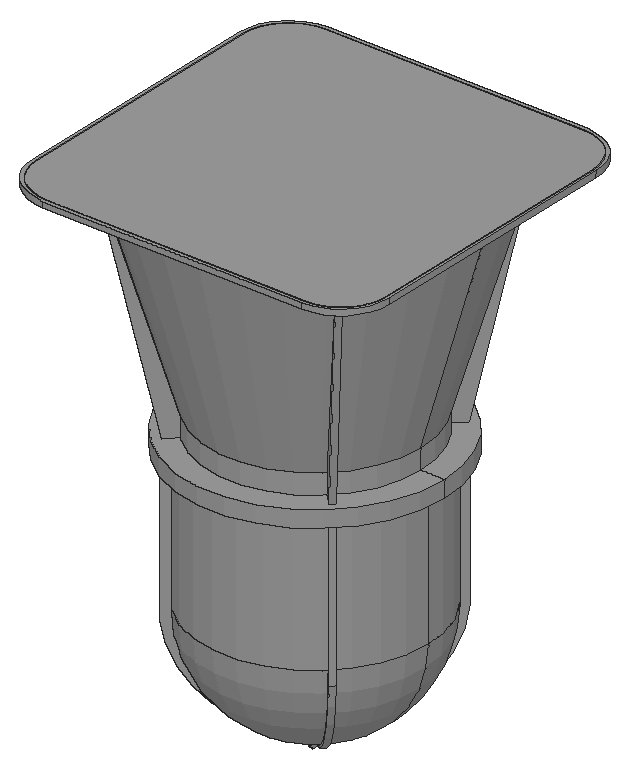
Revit family "AH94-212-BSG", category Communication Devices, Revit 2014
Parameters (values of type "Full-Range, Outdoor, Horn Loudspeaker")
  Width = 32.53"
  Weight Product = 300
  Warranty = "5 Year"
  Vertical Symmetry = yes
  URL = "www.atlassound.com"
  Transformer Option = yes
  Specification by User (default) = "TBD"
  Speaker Type = "S1"
  Speaker Listening Height [instance] = 30.00"
  Speaker Height [instance] = 120.00"
  Speaker Dispersion = 40.00°
  Speaker Cone Visible [instance] = no
  Speaker Cone Height [instance] = (Speaker Height - Speaker Listening Height)  # 90.00"
  Sensitivity = 105
  ScheduleType |RF| = "AtlasIED Master"
  SPL Max = 133.5
  Rotation = 0.00°
  Radius of Speaker Cone [instance] = (Speaker Cone Height) * tan(Speaker Dispersion / 2)  # 32.75732"
  Product Page URL = "https://www.atlasied.com/ah94-212-bsg"
  Power Rating (RMS) = "750 Watts"
  Power Handling = 750
  Pitch = 0.00°
  OmniClass Title = "SPEAKERS"
  OmniClass Number = "23-37 17 13 19"
  Mount Material = Default
  Model = "AH94-212-BSG"
  Maximum Output = "128dB"
  MaterFormat Title = "SPEAKERS"
  MasterFormat = "27 41 13"
  Market = "Commercial, Higher Education, Emergency"
  Manufacturer URL = "https://www.atlasied.com"
  Manufacturer Phone = "(800) 876 - 3333"
  Manufacturer Email = "support@atlasied.com"
  Manufacturer Address = "4545 E. Baseline Rd., Phoenix, AZ 85042"
  Manufacturer = "ATLAS SOUND"
  Input Connectors = "Barrier Terminal"
  Ingress Protection = "IP45 When Tilted 5° Downwards"
  Impedance = 8
  IQ Category = "SPEAKERS"
  Height = 32.53"
  Grill Material = QF_Plastic - Black - Fine Textured
  Frequency Response  = "100Hz - 17kHz (-10 to +4dB)"
  Family Version [instance] = "2017-01"
  Family Code (default) = "LOUD SPEAKERS"
  Enclosure Material = none
  Dispersion Angle = 40.00°
  Description = "3-WAY STADIUM HORN SYSTEM 90° X 40° - GRAY"
  Depth = 47.68"
  Coverage Vertical = 40.00°
  Coverage Horizontal = 20.00°
  Cost MSRP = 2802.99
  Cost = 2802.99
  Color = none
  Body Material = Default
  Baffle Material = none
  70V Taps = "32.00 W"
  100V Taps = "32.00 W"
Reference planes (in)
  plane 1 "Center (Front/Back)": y = 0
  plane 2: z = 0
  plane 3 "Center (Left/Right)": x = 0
  plane 4: x = 16.265
  plane 5: x = -16.265
  plane 6: z = -47.17414
Forms (in)
  Extrusion 1, solid, material "QF_Plastic - Black - Fine Textured" <- "Grill Material"
    sketch origin (-5.92216, 21.61, 0.50586) x (0, 1, 0) y (1, 0, 0)
      loop
        arc (-9.79325, -10.01834) -> (-6.87767, -8.81067) -> (-5.67, -5.89509) r 4.12325
        line (-5.67, -5.89509) -> (-5.67, 17.73941)
        arc (-5.67, 17.73941) -> (-6.87767, 20.65499) -> (-9.79325, 21.86266) r 4.12325
        line (-9.79325, 21.86266) -> (-33.42725, 21.86266)
        arc (-33.42725, 21.86266) -> (-36.34283, 20.65499) -> (-37.5505, 17.73941) r 4.12325
        line (-37.5505, 17.73941) -> (-37.5505, -5.89509)
        arc (-37.5505, -5.89509) -> (-36.34283, -8.81067) -> (-33.42725, -10.01834) r 4.12325
        line (-33.42725, -10.01834) -> (-9.79325, -10.01834)
    from 0 to 0.50586
  Extrusion 2, solid, material "Default" <- "Body Material"
    sketch origin (18.66055, -18.66055, -13.86914) x (0, 0, -1) y (-0.707107, 0.707107, 0)
      loop
        line (-13.86914, 10.63229) -> (7.21256, 15.36323) -> (7.21256, 17.22052) -> (-13.86914, 10.88595) -> (-13.86914, 10.63229)
      loop
        line (8.71256, 15.265) -> (22.08003, 15.265)
        arc (22.08003, 15.265) -> (28.34154, 18.2525) -> (31.38908, 24.485) r 10.53846
        arc (31.38908, 24.485) -> (28.02782, 19.01564) -> (22.14389, 16.44828) r 10.7178
        line (22.14389, 16.44828) -> (8.71256, 16.44828) -> (8.71256, 15.265)
      loop
        line (-13.86914, 42.14771) -> (-13.86914, 41.89405) -> (7.21256, 35.55948) -> (7.21256, 37.41677) -> (-13.86914, 42.14771)
      loop
        line (8.71256, 37.515) -> (8.71256, 36.33172) -> (22.14389, 36.33172)
        arc (22.14389, 36.33172) -> (28.02782, 33.76436) -> (31.38908, 28.295) r 10.7178
        arc (31.38908, 28.295) -> (28.34154, 34.5275) -> (22.08003, 37.515) r 10.53846
        line (22.08003, 37.515) -> (8.71256, 37.515)
    from -0.25 to 0.25
  Extrusion 3, solid, material "Default" <- "Body Material"
    sketch origin (-5.92216, 21.61, 0.50586) x (0, 1, 0) y (1, 0, 0)
      loop
        line (-5.345, -5.89509) -> (-5.345, 17.73941)
        arc (-5.345, 17.73941) -> (-6.64786, 20.8848) -> (-9.79325, 22.18766) r 4.44825
        line (-9.79325, 22.18766) -> (-33.42675, 22.18766)
        arc (-33.42675, 22.18766) -> (-36.57214, 20.8848) -> (-37.875, 17.73941) r 4.44825
        line (-37.875, 17.73941) -> (-37.875, -5.89509)
        arc (-37.875, -5.89509) -> (-36.57214, -9.04048) -> (-33.42675, -10.34334) r 4.44825
        line (-33.42675, -10.34334) -> (-9.79325, -10.34334)
        arc (-9.79325, -10.34334) -> (-6.64786, -9.04048) -> (-5.345, -5.89509) r 4.44825
      loop
        arc (-37.5505, -5.89509) -> (-36.34283, -8.81067) -> (-33.42725, -10.01834) r 4.12325
        line (-33.42725, -10.01834) -> (-9.79325, -10.01834)
        arc (-9.79325, -10.01834) -> (-6.87767, -8.81067) -> (-5.67, -5.89509) r 4.12325
        line (-5.67, -5.89509) -> (-5.67, 17.73941)
        arc (-5.67, 17.73941) -> (-6.87767, 20.65499) -> (-9.79325, 21.86266) r 4.12325
        line (-9.79325, 21.86266) -> (-33.42725, 21.86266)
        arc (-33.42725, 21.86266) -> (-36.34283, 20.65499) -> (-37.5505, 17.73941) r 4.12325
        line (-37.5505, 17.73941) -> (-37.5505, -5.89509)
    from 0 to 0.50586
  Extrusion 4, solid, material "Default" <- "Body Material"
    sketch origin (-5.92216, 21.61, 0) x (0, 1, 0) y (-1, 0, 0)
      loop
        arc (-5.67, 5.89509) -> (-6.87767, 8.81067) -> (-9.79325, 10.01834) r 4.12325
        line (-9.79325, 10.01834) -> (-33.42725, 10.01834)
        arc (-33.42725, 10.01834) -> (-36.34283, 8.81067) -> (-37.5505, 5.89509) r 4.12325
        line (-37.5505, 5.89509) -> (-37.5505, -17.73941)
        arc (-37.5505, -17.73941) -> (-36.34283, -20.65499) -> (-33.42725, -21.86266) r 4.12325
        line (-33.42725, -21.86266) -> (-9.79325, -21.86266)
        arc (-9.79325, -21.86266) -> (-6.87767, -20.65499) -> (-5.67, -17.73941) r 4.12325
        line (-5.67, -17.73941) -> (-5.67, 5.89509)
    from 0 to 0.13
  Revolve 5, solid, material "Default" <- "Body Material"
    sketch origin (0, 0, -13.86914) x (1, 0, 0) y (0, 0, -1)
      loop
        arc (0, 31.58756) -> (-7.33623, 28.54879) -> (-10.375, 21.21256) r 10.375
        line (-10.375, 21.21256) -> (-10.375, 8.71256) -> (-11.875, 8.71256) -> (-11.875, 7.21256) -> (-9.72481, 7.21256) -> (-9.72481, 5.36439) -> (-15.50405, -13.86914) -> (0, -13.86914) -> (0, 31.58756)
      axis (0, -13.86914) -> (0, 31.58756)
    angle from 0 to 360
  Extrusion 6, solid, material "Default" <- "Body Material"
    sketch origin (0, -13.625, -12.29202) x (0, 0, -1) y (0, 1, 0)
      loop
        line (33.62212, 13.875) -> (33.1621, 13.875) -> (33.1621, 13.375) -> (33.62212, 13.375)
        arc (33.62212, 13.375) -> (34.87915, 13.625) -> (33.62212, 13.875) r 0.65338
      loop
        circle (34.22578, 13.625) r 0.40338
    from -0.08174 to 0.07955
  Extrusion 7, solid, material "Default" <- "Body Material"
    sketch origin (-18.66055, -18.66055, -13.86914) x (0, 0, -1) y (-0.707107, -0.707107, 0)
      loop
        line (-13.86914, -10.63229) -> (-13.86914, -10.88595) -> (7.21256, -17.22052) -> (7.21256, -15.36323) -> (-13.86914, -10.63229)
      loop
        line (8.71256, -15.265) -> (8.71256, -16.44828) -> (22.14389, -16.44828)
        arc (22.14389, -16.44828) -> (28.02782, -19.01564) -> (31.38908, -24.485) r 10.7178
        arc (31.38908, -24.485) -> (28.34154, -18.2525) -> (22.08003, -15.265) r 10.53846
        line (22.08003, -15.265) -> (8.71256, -15.265)
      loop
        line (-13.86914, -42.14771) -> (7.21256, -37.41677) -> (7.21256, -35.55948) -> (-13.86914, -41.89405) -> (-13.86914, -42.14771)
      loop
        line (8.71256, -37.515) -> (22.08003, -37.515)
        arc (22.08003, -37.515) -> (28.34154, -34.5275) -> (31.38908, -28.295) r 10.53846
        arc (31.38908, -28.295) -> (28.02782, -33.76436) -> (22.14389, -36.33172) r 10.7178
        line (22.14389, -36.33172) -> (8.71256, -36.33172) -> (8.71256, -37.515)
    from -0.25 to 0.25
  Blend 8, solid, material "Glass", visible <- "Speaker Cone Visible"
    base sketch origin (0, 0, 0) x (1, 0, 0) y (0, 1, 0)
      loop
        circle (0, 0.09521) r 32.75732
    top sketch origin (0, 0, 0) x (1, 0, 0) y (0, 1, 0)
      loop
        circle (0, 0.09521) r 0.13513
    from 90 <- "Speaker Cone Height" to 0
Lines and regions (in)
  symbolic lines, style "Sound Projection Average", visible <- "Speaker Cone Visible"
    curve 1: circle (0, 0.09521, 0) r 32.75732 normal (0, 0, 1)
    curve 2: circle (0, 0.09521, 0) r 32.75732 normal (0, 0, 1)
Dimensions and locks (in)
  Extrusion 3 to plane 6 = 47.68"
  "Radius of Speaker Cone": radius of Blend 8 sketch curve
  aligned and locked: plane 2 to level
Nested families (in)
  nested 1: "Speaker Annotation" at (0, 0, 0), Speaker Type <- "Speaker Type", type "Data Annotation"
    with Speaker Type "S1"
Definition of nested family "Speaker Annotation"
  Parameters (values of type "Data Annotation")
    Speaker Type [instance] = ""
  Reference planes (in)
    plane 1: y = 0
    plane 2: x = 0
  Lines and regions (in)
    detail lines, style "Data Device"
      curve 1: circle (-0.00295, 0.00032, 0) r 0.09489 normal (0, 0, 1)
  Text (in)
    label "S1" at (0.00193, -0.00496, 0), shows "Speaker Type"
